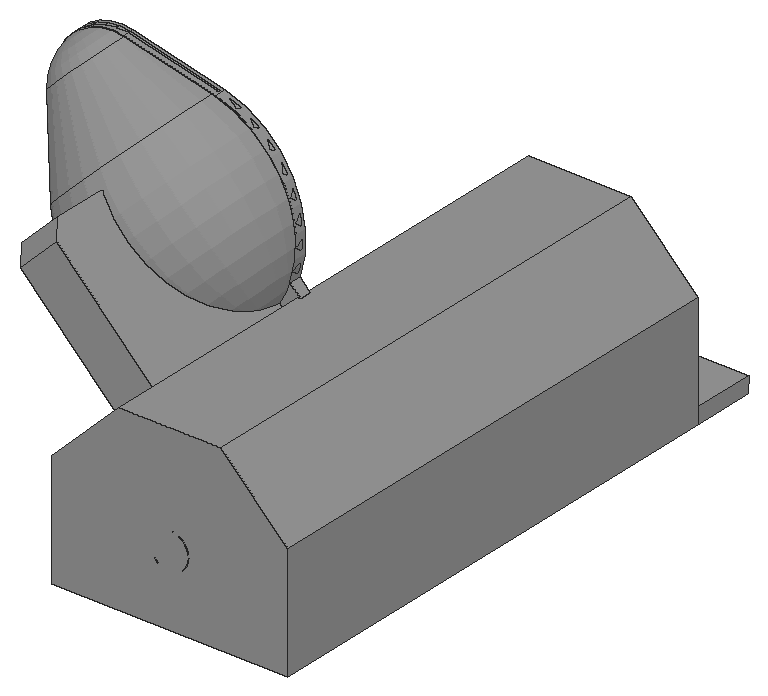
Revit family "Combination-Willoughby-ECF-1546-L-ON", category Plumbing Fixtures, Revit 2015
Parameters (values of type "Standard")
  Waste DIA = 2 3/8"
  Waste Connection = yes
  Vent Connection = no
  URL = "https://www.willoughby-ind.com/wp-content/uploads/2017/05/1546.pdf"
  Revision = "A"
  Model = "ECF-1546-L-ON"
  Manufacturer = "Willoughby Industries"
  Lav Waste DIA = 1 1/2"
  Lav Waste Connection = yes
  HW Connection = no
  Flush Inlet DIA = 1 1/2"
  Flush Inlet Connection = yes
  Fixture Body = Stainless Steel AISI 304-Willoughby
  Description = "1546 Combination Unit, Floor toilet waste outlet, Left toilet, On Floor mounted"
  Default Elevation = 0' - 0"
  Contact = "(800) 428-4065"
  CW Connection = no
Reference planes (in)
  plane 1 "Center (Front/Back)": y = 0
  plane 2: z = 0
  plane 3 "Center (Left/Right)": x = 0
  plane 4: z = 11.5
  plane 5: z = 6.5
  plane 6: through (4.45954, 0, 8.54046) normal (0.7071, 0, -0.7071)
  plane 7: through (7.5, 0, 7.25) normal (0.7071, 0, -0.7071)
  plane 8: through (3.25, 0, 11.5) normal (0.7071, 0, -0.7071)
  plane 9: through (-5.375, 0, 9.375) normal (0.7071, 0, 0.7071)
  plane 10 "On Floor Waste": z = 4.25
  plane 11: through (-2.01296, -4.75, 34.78866) normal (-0.7071, 0, 0.7071)
  plane 12: through (-10.34239, -4.75, 33.35352) normal (-0.7071, 0, 0.7071)
  plane 13: through (-11.92954, -4.75, 27.1522) normal (0.7071, 0, 0.7071)
  plane 14: through (-16.17218, -4.75, 22.90956) normal (0.7071, 0, 0.7071)
  plane 15: through (13.88291, -5, 1.47234) normal (0.7071, 0, 0.7071)
  plane 16: through (9.50768, -5, -2.90289) normal (0.7071, 0, 0.7071)
Forms (in)
  Extrusion 1, solid, material "Stainless Steel AISI 304-Willoughby" <- "Fixture Body"
    sketch origin (0, 0, 6.98002) x (1, 0, 0) y (0, 0, 1)
      loop
        line (7.5, 7.25) -> (3.25, 11.5) -> (-3.25, 11.5) -> (-7.5, 7.25) -> (-7.5, 0) -> (7.5, 0) -> (7.5, 7.25)
    from 20 to -12.5
  Extrusion 2, solid, material "Stainless Steel AISI 304-Willoughby" <- "Fixture Body"
    sketch origin (0, 0, 6.98002) x (0, 1, 0) y (0, 0, 1)
      loop
        line (12.5, 0) -> (16.5, 0) -> (16.5, 1.0625) -> (12.5, 1.0625) -> (12.5, 0)
    from 7.5 to -7.5
  Extrusion 3, void
    sketch origin (0, 0, 6.98002) x (1, 0, 0) y (0, 0, 1)
      loop
        line (6.02576, 6.97424) -> (2.89332, 10.10668)
        arc (2.89332, 10.10668) -> (2.45766, 10.39778) -> (1.94376, 10.5) r 1.34289
        line (1.94376, 10.5) -> (0, 10.5) -> (-1.94376, 10.5)
        arc (-1.94376, 10.5) -> (-2.45766, 10.39778) -> (-2.89332, 10.10668) r 1.34289
        line (-2.89332, 10.10668) -> (-6.02576, 6.97424)
        arc (-6.02576, 6.97424) -> (-6.41304, 6.18891) -> (-6.24222, 5.33011) r 1.36204
        line (-6.24222, 5.33011) -> (-4.64434, 2.5625)
        arc (-4.64434, 2.5625) -> (-4.46132, 2.37949) -> (-4.21132, 2.3125) r 0.5
        line (-4.21132, 2.3125) -> (0, 2.3125) -> (4.21132, 2.3125)
        arc (4.21132, 2.3125) -> (4.46132, 2.37949) -> (4.64434, 2.5625) r 0.5
        line (4.64434, 2.5625) -> (6.24222, 5.33011)
        arc (6.24222, 5.33011) -> (6.41304, 6.18891) -> (6.02576, 6.97424) r 1.36204
    from -6.5 to -12.5
  Revolve 4, solid, material "Stainless Steel AISI 304-Willoughby" <- "Fixture Body"
    sketch origin (0, 4.25, -5.01998) x (0, 0, -1) y (-1, 0, 0)
      loop
        line (-12, 0) -> (-14, 0) -> (-14, -0.75) -> (-9, -0.75) -> (-9, 0) -> (-12, 0)
      axis (-14, 0) -> (-9, 0)
    angle from 0 to 360
  Revolve 5, solid, material "Stainless Steel AISI 304-Willoughby" <- "Fixture Body"
    sketch origin (0, 0.5, -1.35074) x (0, 0, -1) y (-1, 0, 0)
      loop
        line (-8.3284, 4.875) -> (-8.3284, 5.625) -> (-9.83076, 5.625) -> (-9.83076, 4.875) -> (-8.3284, 4.875)
      axis (-9.83076, 4.875) -> (-8.3284, 4.875)
    angle from 0 to 360
  Extrusion 6, solid, material "Stainless Steel AISI 304-Willoughby" <- "Fixture Body"
    sketch origin (1, -29, 7.23002) x (1, 0, 0) y (0, 0, 1)
      loop
        circle (-1, 4.25) r 1.1875
    from -13 to -9
  Revolve 7, solid, material "Stainless Steel AISI 304-Willoughby" <- "Fixture Body"
    sketch origin (-1.41413, -5.25, 12.39415) x (0.707107, 0, -0.707107) y (-0.707107, 0, -0.707107)
      loop
        arc (-16.25875, -6.02566) -> (-9.22764, -6.08019) -> (-5.69625, 0) r 7
        line (-5.69625, 0) -> (-6.19625, 0)
        arc (-6.19625, 0) -> (-9.4731, -5.64458) -> (-15.99973, -5.59794) r 6.5
        line (-15.99973, -5.59794) -> (-20.8721, -2.57392)
        arc (-20.8721, -2.57392) -> (-21.91777, -1.47245) -> (-22.28998, 0) r 3
        line (-22.28998, 0) -> (-22.79, 0)
        arc (-22.79, 0) -> (-22.35472, -1.71553) -> (-21.13577, -2.99875) r 3.5
        line (-21.13577, -2.99875) -> (-16.25875, -6.02566)
      axis (-22.79, 0) -> (-5.69625, 0)
    angle from 0 to 180
  Extrusion 8, solid, material "Stainless Steel AISI 304-Willoughby" <- "Fixture Body"
    sketch origin (-2.14137, -5.25, 13.16559) x (0.707107, 0, -0.707107) y (-0.707107, 0, -0.707107)
      loop
        arc (-15.03747, -6.08348) -> (-9.54792, -6.65278) -> (-5.35637, -3.0625) r 6.99024
        line (-5.35637, -3.0625) -> (-4.40074, -3.0625) -> (-4.40074, 3.125) -> (-5.35913, 3.125)
        arc (-5.35913, 3.125) -> (-9.62169, 6.73253) -> (-15.16546, 6.06151) r 6.98205
        line (-15.16546, 6.06151) -> (-20.1354, 2.97692)
        arc (-20.1354, 2.97692) -> (-21.73027, 0.02873) -> (-20.1354, -2.91946) r 3.52237
        line (-20.1354, -2.91946) -> (-15.03747, -6.08348)
      loop
        line (-19.06976, -1.60178) -> (-13.77504, -3.85876)
        arc (-13.77504, -3.85876) -> (-6.8767, 0.02873) -> (-13.77504, 3.91622) r 4.54455
        line (-13.77504, 3.91622) -> (-19.06976, 1.65924)
        arc (-19.06976, 1.65924) -> (-19.94994, 0.02873) -> (-19.06976, -1.60178) r 1.95034
    from 0.25 to -0.5
  Extrusion 9, solid, material "Stainless Steel AISI 304-Willoughby" <- "Fixture Body"
    sketch origin (-4.37383, -5, 15.35385) x (0, 1, 0) y (-0.707107, 0, 0.707107)
      loop
        line (-6.74564, 11.11058) -> (-9.99564, 11.11058) -> (-11, 10.10622) -> (-11, 0) -> (-0.75, 0) -> (-0.75, 1.86803)
        arc (-0.75, 1.86803) -> (-5.87123, 5.08059) -> (-6.30349, 11.11058) r 6.68108
        line (-6.30349, 11.11058) -> (-6.74564, 11.11058)
    from 1.625 to -1.625
Cuts and joins
  Extrusion 3 cuts Extrusion 1
Lines and regions (in)
  symbolic lines
    curve 1: line (0, 16.5, 0) -> (0, -20, 0)
    curve 2: line (0, -20, 0) -> (0, -20, 11.5)
    curve 3: line (0, -20, 11.5) -> (0, 12.5, 11.5)
    curve 4: line (0, 12.5, 11.5) -> (0, 12.5, 1.0625)
    curve 5: line (0, 12.5, 1.0625) -> (0, 16.5, 1.0625)
    curve 6: line (0, 16.5, 1.0625) -> (0, 16.5, 0)
    curve 7: line (7.5, 0, 0) -> (7.5, 0, 7.25)
    curve 8: line (7.5, 0, 7.25) -> (3.25, 0, 11.5)
    curve 9: line (3.25, 0, 11.5) -> (-3.25, 0, 11.5)
    curve 10: line (-3.25, 0, 11.5) -> (-7.5, 0, 7.25)
    curve 11: line (-7.5, 0, 7.25) -> (-7.5, 0, 0)
    curve 12: line (-7.5, 0, 0) -> (7.5, 0, 0)
    curve 31: line (0, -5, 7.25) -> (0, -5.75, 7.25)
    curve 32: line (0, -5.75, 7.25) -> (0, -5.75, 8.31416)
    curve 33: line (0, -5.75, 8.25) -> (0, -16, 8.25)
    curve 34: line (0, -16, 8.25) -> (0, -16, 17.57049)
    curve 35: line (0, -16, 17.57049) -> (0, -14.99564, 18.28068)
    curve 36: line (0, -14.99564, 18.28068) -> (0, -11.49564, 18.28068)
    curve 37: arc (0, -11.49564, 18.28068) -> (0, -11.7422, 17.13597) -> (0, -11.53574, 15.98336) r 3.02627
    curve 38: line (0, -11.53574, 15.98336) -> (0, -15.03574, 15.98336)
    curve 39: line (0, -15.03574, 15.98336) -> (0, -16, 15.2724)
    curve 40: line (0, -15.03574, 15.98336) -> (0, -15.03574, 18.23336)
    curve 41: arc (0, -11.53574, 15.98336) -> (0, -12.0351, 14.24973) -> (0, -11.65789, 12.48549) r 3.71087
    curve 42: arc (0, -11.65789, 12.48549) -> (0, -9.29434, 9.56364) -> (0, -5.75, 8.31416) r 6.8989
    curve 43: line (0, -5, 7.13236) -> (0, -5, 23.48443)
    curve 44: line (0, -5, 23.48443) -> (0, -5.75, 23.48443)
    curve 45: arc (0, -5.75, 23.48443) -> (0, -6.6271, 23.19663) -> (0, -7.41985, 22.72367) r 4.18787
    curve 46: line (0, -7.41985, 22.72367) -> (0, -10, 20.43253)
    curve 47: arc (0, -10, 20.43253) -> (0, -10.90427, 19.44035) -> (0, -11.5805, 18.28068) r 6.36924
  symbolic lines, detail levels medium+fine
    curve 13: line (7.5, 0, 1.0625) -> (-7.5, 0, 1.0625)
  symbolic lines, detail levels fine
    curve 14: line (6.24222, 0, 5.33011) -> (4.64434, 0, 2.5625)
    curve 15: line (4.21132, 0, 2.3125) -> (-4.21132, 0, 2.3125)
    curve 16: line (-4.64434, 0, 2.5625) -> (-6.24222, 0, 5.33011)
    curve 17: line (-6.02576, 0, 6.97424) -> (-2.89332, 0, 10.10668)
    curve 18: line (-1.94376, 0, 10.5) -> (1.94376, 0, 10.5)
    curve 19: line (2.89332, 0, 10.10668) -> (6.02576, 0, 6.97424)
    curve 20: arc (6.24222, 0, 5.33011) -> (6.41304, 0, 6.18891) -> (6.02576, 0, 6.97424) r 1.36204
    curve 21: arc (2.89332, 0, 10.10668) -> (2.45766, 0, 10.39778) -> (1.94376, 0, 10.5) r 1.34289
    curve 22: arc (-1.94376, 0, 10.5) -> (-2.45766, 0, 10.39778) -> (-2.89332, 0, 10.10668) r 1.34289
    curve 23: arc (-6.02576, 0, 6.97424) -> (-6.41304, 0, 6.18891) -> (-6.24222, 0, 5.33011) r 1.36204
    curve 24: arc (-4.64434, 0, 2.5625) -> (-4.46132, 0, 2.37949) -> (-4.21132, 0, 2.3125) r 0.5
    curve 25: arc (4.21132, 0, 2.3125) -> (4.46132, 0, 2.37949) -> (4.64434, 0, 2.5625) r 0.5
    curve 26: line (-15.37435, 0, 21.72443) -> (-10.03449, 0, 19.57643)
    curve 27: arc (-10.03449, 0, 19.57643) -> (-7.90549, 0, 11.94969) -> (-15.53223, 0, 14.07868) r 4.54455
    curve 28: line (-15.53223, 0, 14.07868) -> (-17.68024, 0, 19.41854)
    curve 29: arc (-15.37435, 0, 21.72443) -> (-16.32904, 0, 21.68344) -> (-17.14967, 0, 21.19387) r 1.95034
    curve 30: arc (-17.14967, 0, 21.19387) -> (-17.63925, 0, 20.37323) -> (-17.68024, 0, 19.41854) r 1.95034
Dimensions and locks (in)
  level to plane 4 = 0' - 11 1/2"
  level to plane 5 = 0' - 6 1/2"
  plane 4 to level = 0' - 11 1/2"
  plane 13 to plane 14 = 0' - 6"
  aligned and locked: Extrusion 8 to Extrusion 9
  aligned and locked: cut or joined group of Extrusion 1, Extrusion 3 to Extrusion 2  (x2)
  aligned and locked: Extrusion 1 to Extrusion 2
  aligned and locked: Extrusion 1 to Extrusion 3
  aligned and locked: Extrusion 6 to Extrusion 1
  aligned and locked: Extrusion 6 to Extrusion 9
Connectors (in)
  piping at (-4.875, 0.5, 6.97766), diameter 1.5, driven by "Flush Inlet DIA", driven by "Flush Inlet Connection"
    settings: on Revolve 5, index 2, connector inside diameter 24", connector length 0' - 0", flow factor 0, pipe flow 0 GPM, pressure drop 0.00 psi, fitting loss kfactor 0, connector angle 0.00°, fixture units 0, engagement length 0' - 0", angle of deflection 0.00°, flow configuration 0, flow direction 1, fitting loss method 0, system type 20, joint type 0, gender type 0, connector reference index -1, connector utility 1, adjustable connector no, is connector primary yes, connector description "Flush Inlet"
  piping at (0, -16, 11.48002), diameter 2.375, driven by "Waste DIA", driven by "Waste Connection"
    settings: on Extrusion 6, index 3, connector inside diameter 24", connector length 0' - 0", flow factor 0, pipe flow 0 GPM, pressure drop 0.00 psi, fitting loss kfactor 0, connector angle 0.00°, fixture units 0, engagement length 0' - 0", angle of deflection 0.00°, flow configuration 0, flow direction 2, fitting loss method 0, system type 16, joint type 0, gender type 0, connector reference index -1, connector utility 1, adjustable connector no, is connector primary no, connector description "Toilet Waste"
  piping at (0, 4.25, 3.98002), diameter 1.5, driven by "Lav Waste DIA", driven by "Lav Waste Connection"
    settings: on Revolve 4, index 4, connector inside diameter 24", connector length 0' - 0", flow factor 0, pipe flow 0 GPM, pressure drop 0.00 psi, fitting loss kfactor 0, connector angle 0.00°, fixture units 0, engagement length 0' - 0", angle of deflection 0.00°, flow configuration 0, flow direction 2, fitting loss method 0, system type 16, joint type 0, gender type 0, connector reference index -1, connector utility 1, adjustable connector no, is connector primary no, connector description "Sink Drain"
